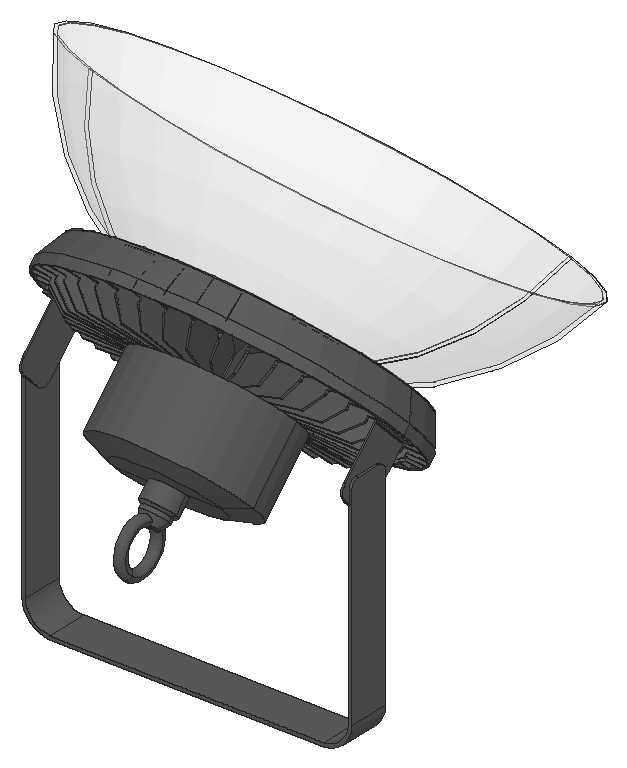
Revit family "0039366+0039354+0039358 Sylvania Lighting Fixture START HighBay IP65 DALI 19000lm 840 WB with BRACKET and PC LAMPSHADE TRANSPARENT 13 19KLM", category Lighting Fixtures, host Face, Revit 2016 (continued)
Definition of nested family "Start LED Highbay DALI Head"
  Nested families
    nested 6: "Start Highbay Rib" at (0, 0, 80.875) x (0.7071, 0.7071, 0) z (0, 0, 1), type "Type Name", detail levels medium+fine
      with SuspensionHeight_FEILO 2.6 mm, WidthStraight_FEILO 4.7 mm, WidthRingChamfer_FEILO 12.9 mm, WidthCurved_FEILO 26.2 mm, WidthCurvedRing_FEILO 4.7 mm, SizeS_FEILO no, Rib4_FEILO 14.6 mm, Rib3_FEILO 20.2 mm, Rib2_FEILO 4.5 mm, Rib1_FEILO 19 mm, RadiusDiffuser_FEILO 120 mm, RHRadius3_FEILO 8.6 mm, RHRadius2_FEILO 14 mm, RHRadius1_FEILO 17.7 mm, RHHeight4_FEILO 9.2 mm, RHHeight3_FEILO 4.6 mm, RHHeight2_FEILO 2.6 mm, RHHeight1_FEILO 17.4 mm, HeightRing_FEILO 36.8 mm, HeightRingChamfer_FEILO 26.6 mm, EyeThickness_FEILO 10.5 mm, EyeThicknessHalf_FEILO 5.25 mm, EyeInner_FEILO 17.3 mm, DriverVerticalStraight_FEILO 57 mm, DriverVerticalChamfer_FEILO 9.5 mm, DriverRadius_FEILO 76.4 mm, DriverRadiusTop_FEILO 52.4 mm, DriverBottom_FEILO 74 mm, Radius_FEILO 169.5 mm
    nested 7: "Start Highbay Rib" at (0, 0, 80.875) x (0.5878, 0.809, 0) z (0, 0, 1), type "Type Name", detail levels medium+fine
      with SuspensionHeight_FEILO 2.6 mm, WidthStraight_FEILO 4.7 mm, WidthRingChamfer_FEILO 12.9 mm, WidthCurved_FEILO 26.2 mm, WidthCurvedRing_FEILO 4.7 mm, SizeS_FEILO no, Rib4_FEILO 14.6 mm, Rib3_FEILO 20.2 mm, Rib2_FEILO 4.5 mm, Rib1_FEILO 19 mm, RadiusDiffuser_FEILO 120 mm, RHRadius3_FEILO 8.6 mm, RHRadius2_FEILO 14 mm, RHRadius1_FEILO 17.7 mm, RHHeight4_FEILO 9.2 mm, RHHeight3_FEILO 4.6 mm, RHHeight2_FEILO 2.6 mm, RHHeight1_FEILO 17.4 mm, HeightRing_FEILO 36.8 mm, HeightRingChamfer_FEILO 26.6 mm, EyeThickness_FEILO 10.5 mm, EyeThicknessHalf_FEILO 5.25 mm, EyeInner_FEILO 17.3 mm, DriverVerticalStraight_FEILO 57 mm, DriverVerticalChamfer_FEILO 9.5 mm, DriverRadius_FEILO 76.4 mm, DriverRadiusTop_FEILO 52.4 mm, DriverBottom_FEILO 74 mm, Radius_FEILO 169.5 mm
    nested 8: "Start Highbay Rib" at (0, 0, 80.875) x (0.454, 0.891, 0) z (0, 0, 1), type "Type Name", detail levels medium+fine
      with SuspensionHeight_FEILO 2.6 mm, WidthStraight_FEILO 4.7 mm, WidthRingChamfer_FEILO 12.9 mm, WidthCurved_FEILO 26.2 mm, WidthCurvedRing_FEILO 4.7 mm, SizeS_FEILO no, Rib4_FEILO 14.6 mm, Rib3_FEILO 20.2 mm, Rib2_FEILO 4.5 mm, Rib1_FEILO 19 mm, RadiusDiffuser_FEILO 120 mm, RHRadius3_FEILO 8.6 mm, RHRadius2_FEILO 14 mm, RHRadius1_FEILO 17.7 mm, RHHeight4_FEILO 9.2 mm, RHHeight3_FEILO 4.6 mm, RHHeight2_FEILO 2.6 mm, RHHeight1_FEILO 17.4 mm, HeightRing_FEILO 36.8 mm, HeightRingChamfer_FEILO 26.6 mm, EyeThickness_FEILO 10.5 mm, EyeThicknessHalf_FEILO 5.25 mm, EyeInner_FEILO 17.3 mm, DriverVerticalStraight_FEILO 57 mm, DriverVerticalChamfer_FEILO 9.5 mm, DriverRadius_FEILO 76.4 mm, DriverRadiusTop_FEILO 52.4 mm, DriverBottom_FEILO 74 mm, Radius_FEILO 169.5 mm
    nested 9: "Start Highbay Rib" at (0, 0, 80.875) x (0.309, 0.9511, 0) z (0, 0, 1), type "Type Name", detail levels medium+fine
      with SuspensionHeight_FEILO 2.6 mm, WidthStraight_FEILO 4.7 mm, WidthRingChamfer_FEILO 12.9 mm, WidthCurved_FEILO 26.2 mm, WidthCurvedRing_FEILO 4.7 mm, SizeS_FEILO no, Rib4_FEILO 14.6 mm, Rib3_FEILO 20.2 mm, Rib2_FEILO 4.5 mm, Rib1_FEILO 19 mm, RadiusDiffuser_FEILO 120 mm, RHRadius3_FEILO 8.6 mm, RHRadius2_FEILO 14 mm, RHRadius1_FEILO 17.7 mm, RHHeight4_FEILO 9.2 mm, RHHeight3_FEILO 4.6 mm, RHHeight2_FEILO 2.6 mm, RHHeight1_FEILO 17.4 mm, HeightRing_FEILO 36.8 mm, HeightRingChamfer_FEILO 26.6 mm, EyeThickness_FEILO 10.5 mm, EyeThicknessHalf_FEILO 5.25 mm, EyeInner_FEILO 17.3 mm, DriverVerticalStraight_FEILO 57 mm, DriverVerticalChamfer_FEILO 9.5 mm, DriverRadius_FEILO 76.4 mm, DriverRadiusTop_FEILO 52.4 mm, DriverBottom_FEILO 74 mm, Radius_FEILO 169.5 mm
    nested 10: "Start Highbay Rib" at (0, 0, 80.875) x (0.1564, 0.9877, 0) z (0, 0, 1), type "Type Name", detail levels medium+fine
      with SuspensionHeight_FEILO 2.6 mm, WidthStraight_FEILO 4.7 mm, WidthRingChamfer_FEILO 12.9 mm, WidthCurved_FEILO 26.2 mm, WidthCurvedRing_FEILO 4.7 mm, SizeS_FEILO no, Rib4_FEILO 14.6 mm, Rib3_FEILO 20.2 mm, Rib2_FEILO 4.5 mm, Rib1_FEILO 19 mm, RadiusDiffuser_FEILO 120 mm, RHRadius3_FEILO 8.6 mm, RHRadius2_FEILO 14 mm, RHRadius1_FEILO 17.7 mm, RHHeight4_FEILO 9.2 mm, RHHeight3_FEILO 4.6 mm, RHHeight2_FEILO 2.6 mm, RHHeight1_FEILO 17.4 mm, HeightRing_FEILO 36.8 mm, HeightRingChamfer_FEILO 26.6 mm, EyeThickness_FEILO 10.5 mm, EyeThicknessHalf_FEILO 5.25 mm, EyeInner_FEILO 17.3 mm, DriverVerticalStraight_FEILO 57 mm, DriverVerticalChamfer_FEILO 9.5 mm, DriverRadius_FEILO 76.4 mm, DriverRadiusTop_FEILO 52.4 mm, DriverBottom_FEILO 74 mm, Radius_FEILO 169.5 mm
    nested 11: "Start Highbay Rib" at (0, 0, 80.875) x (0, 1, 0) z (0, 0, 1), type "Type Name", detail levels medium+fine
      with SuspensionHeight_FEILO 2.6 mm, WidthStraight_FEILO 4.7 mm, WidthRingChamfer_FEILO 12.9 mm, WidthCurved_FEILO 26.2 mm, WidthCurvedRing_FEILO 4.7 mm, SizeS_FEILO no, Rib4_FEILO 14.6 mm, Rib3_FEILO 20.2 mm, Rib2_FEILO 4.5 mm, Rib1_FEILO 19 mm, RadiusDiffuser_FEILO 120 mm, RHRadius3_FEILO 8.6 mm, RHRadius2_FEILO 14 mm, RHRadius1_FEILO 17.7 mm, RHHeight4_FEILO 9.2 mm, RHHeight3_FEILO 4.6 mm, RHHeight2_FEILO 2.6 mm, RHHeight1_FEILO 17.4 mm, HeightRing_FEILO 36.8 mm, HeightRingChamfer_FEILO 26.6 mm, EyeThickness_FEILO 10.5 mm, EyeThicknessHalf_FEILO 5.25 mm, EyeInner_FEILO 17.3 mm, DriverVerticalStraight_FEILO 57 mm, DriverVerticalChamfer_FEILO 9.5 mm, DriverRadius_FEILO 76.4 mm, DriverRadiusTop_FEILO 52.4 mm, DriverBottom_FEILO 74 mm, Radius_FEILO 169.5 mm
    nested 12: "Start Highbay Rib" at (0, 0, 80.875) x (-0.1564, 0.9877, 0) z (0, 0, 1), type "Type Name", detail levels medium+fine
      with SuspensionHeight_FEILO 2.6 mm, WidthStraight_FEILO 4.7 mm, WidthRingChamfer_FEILO 12.9 mm, WidthCurved_FEILO 26.2 mm, WidthCurvedRing_FEILO 4.7 mm, SizeS_FEILO no, Rib4_FEILO 14.6 mm, Rib3_FEILO 20.2 mm, Rib2_FEILO 4.5 mm, Rib1_FEILO 19 mm, RadiusDiffuser_FEILO 120 mm, RHRadius3_FEILO 8.6 mm, RHRadius2_FEILO 14 mm, RHRadius1_FEILO 17.7 mm, RHHeight4_FEILO 9.2 mm, RHHeight3_FEILO 4.6 mm, RHHeight2_FEILO 2.6 mm, RHHeight1_FEILO 17.4 mm, HeightRing_FEILO 36.8 mm, HeightRingChamfer_FEILO 26.6 mm, EyeThickness_FEILO 10.5 mm, EyeThicknessHalf_FEILO 5.25 mm, EyeInner_FEILO 17.3 mm, DriverVerticalStraight_FEILO 57 mm, DriverVerticalChamfer_FEILO 9.5 mm, DriverRadius_FEILO 76.4 mm, DriverRadiusTop_FEILO 52.4 mm, DriverBottom_FEILO 74 mm, Radius_FEILO 169.5 mm
    nested 13: "Start Highbay Rib" at (0, 0, 80.875) x (-0.309, 0.9511, 0) z (0, 0, 1), type "Type Name", detail levels medium+fine
      with SuspensionHeight_FEILO 2.6 mm, WidthStraight_FEILO 4.7 mm, WidthRingChamfer_FEILO 12.9 mm, WidthCurved_FEILO 26.2 mm, WidthCurvedRing_FEILO 4.7 mm, SizeS_FEILO no, Rib4_FEILO 14.6 mm, Rib3_FEILO 20.2 mm, Rib2_FEILO 4.5 mm, Rib1_FEILO 19 mm, RadiusDiffuser_FEILO 120 mm, RHRadius3_FEILO 8.6 mm, RHRadius2_FEILO 14 mm, RHRadius1_FEILO 17.7 mm, RHHeight4_FEILO 9.2 mm, RHHeight3_FEILO 4.6 mm, RHHeight2_FEILO 2.6 mm, RHHeight1_FEILO 17.4 mm, HeightRing_FEILO 36.8 mm, HeightRingChamfer_FEILO 26.6 mm, EyeThickness_FEILO 10.5 mm, EyeThicknessHalf_FEILO 5.25 mm, EyeInner_FEILO 17.3 mm, DriverVerticalStraight_FEILO 57 mm, DriverVerticalChamfer_FEILO 9.5 mm, DriverRadius_FEILO 76.4 mm, DriverRadiusTop_FEILO 52.4 mm, DriverBottom_FEILO 74 mm, Radius_FEILO 169.5 mm
    nested 14: "Start Highbay Rib" at (0, 0, 80.875) x (-0.454, 0.891, 0) z (0, 0, 1), type "Type Name", detail levels medium+fine
      with SuspensionHeight_FEILO 2.6 mm, WidthStraight_FEILO 4.7 mm, WidthRingChamfer_FEILO 12.9 mm, WidthCurved_FEILO 26.2 mm, WidthCurvedRing_FEILO 4.7 mm, SizeS_FEILO no, Rib4_FEILO 14.6 mm, Rib3_FEILO 20.2 mm, Rib2_FEILO 4.5 mm, Rib1_FEILO 19 mm, RadiusDiffuser_FEILO 120 mm, RHRadius3_FEILO 8.6 mm, RHRadius2_FEILO 14 mm, RHRadius1_FEILO 17.7 mm, RHHeight4_FEILO 9.2 mm, RHHeight3_FEILO 4.6 mm, RHHeight2_FEILO 2.6 mm, RHHeight1_FEILO 17.4 mm, HeightRing_FEILO 36.8 mm, HeightRingChamfer_FEILO 26.6 mm, EyeThickness_FEILO 10.5 mm, EyeThicknessHalf_FEILO 5.25 mm, EyeInner_FEILO 17.3 mm, DriverVerticalStraight_FEILO 57 mm, DriverVerticalChamfer_FEILO 9.5 mm, DriverRadius_FEILO 76.4 mm, DriverRadiusTop_FEILO 52.4 mm, DriverBottom_FEILO 74 mm, Radius_FEILO 169.5 mm
    nested 15: "Start Highbay Rib" at (0, 0, 80.875) x (-0.5878, 0.809, 0) z (0, 0, 1), type "Type Name", detail levels medium+fine
      with SuspensionHeight_FEILO 2.6 mm, WidthStraight_FEILO 4.7 mm, WidthRingChamfer_FEILO 12.9 mm, WidthCurved_FEILO 26.2 mm, WidthCurvedRing_FEILO 4.7 mm, SizeS_FEILO no, Rib4_FEILO 14.6 mm, Rib3_FEILO 20.2 mm, Rib2_FEILO 4.5 mm, Rib1_FEILO 19 mm, RadiusDiffuser_FEILO 120 mm, RHRadius3_FEILO 8.6 mm, RHRadius2_FEILO 14 mm, RHRadius1_FEILO 17.7 mm, RHHeight4_FEILO 9.2 mm, RHHeight3_FEILO 4.6 mm, RHHeight2_FEILO 2.6 mm, RHHeight1_FEILO 17.4 mm, HeightRing_FEILO 36.8 mm, HeightRingChamfer_FEILO 26.6 mm, EyeThickness_FEILO 10.5 mm, EyeThicknessHalf_FEILO 5.25 mm, EyeInner_FEILO 17.3 mm, DriverVerticalStraight_FEILO 57 mm, DriverVerticalChamfer_FEILO 9.5 mm, DriverRadius_FEILO 76.4 mm, DriverRadiusTop_FEILO 52.4 mm, DriverBottom_FEILO 74 mm, Radius_FEILO 169.5 mm
    nested 16: "Start Highbay Rib" at (0, 0, 80.875) x (-0.7071, 0.7071, 0) z (0, 0, 1), type "Type Name", detail levels medium+fine
      with SuspensionHeight_FEILO 2.6 mm, WidthStraight_FEILO 4.7 mm, WidthRingChamfer_FEILO 12.9 mm, WidthCurved_FEILO 26.2 mm, WidthCurvedRing_FEILO 4.7 mm, SizeS_FEILO no, Rib4_FEILO 14.6 mm, Rib3_FEILO 20.2 mm, Rib2_FEILO 4.5 mm, Rib1_FEILO 19 mm, RadiusDiffuser_FEILO 120 mm, RHRadius3_FEILO 8.6 mm, RHRadius2_FEILO 14 mm, RHRadius1_FEILO 17.7 mm, RHHeight4_FEILO 9.2 mm, RHHeight3_FEILO 4.6 mm, RHHeight2_FEILO 2.6 mm, RHHeight1_FEILO 17.4 mm, HeightRing_FEILO 36.8 mm, HeightRingChamfer_FEILO 26.6 mm, EyeThickness_FEILO 10.5 mm, EyeThicknessHalf_FEILO 5.25 mm, EyeInner_FEILO 17.3 mm, DriverVerticalStraight_FEILO 57 mm, DriverVerticalChamfer_FEILO 9.5 mm, DriverRadius_FEILO 76.4 mm, DriverRadiusTop_FEILO 52.4 mm, DriverBottom_FEILO 74 mm, Radius_FEILO 169.5 mm
    nested 17: "Start Highbay Rib" at (0, 0, 80.875) x (-0.809, 0.5878, 0) z (0, 0, 1), type "Type Name", detail levels medium+fine
      with SuspensionHeight_FEILO 2.6 mm, WidthStraight_FEILO 4.7 mm, WidthRingChamfer_FEILO 12.9 mm, WidthCurved_FEILO 26.2 mm, WidthCurvedRing_FEILO 4.7 mm, SizeS_FEILO no, Rib4_FEILO 14.6 mm, Rib3_FEILO 20.2 mm, Rib2_FEILO 4.5 mm, Rib1_FEILO 19 mm, RadiusDiffuser_FEILO 120 mm, RHRadius3_FEILO 8.6 mm, RHRadius2_FEILO 14 mm, RHRadius1_FEILO 17.7 mm, RHHeight4_FEILO 9.2 mm, RHHeight3_FEILO 4.6 mm, RHHeight2_FEILO 2.6 mm, RHHeight1_FEILO 17.4 mm, HeightRing_FEILO 36.8 mm, HeightRingChamfer_FEILO 26.6 mm, EyeThickness_FEILO 10.5 mm, EyeThicknessHalf_FEILO 5.25 mm, EyeInner_FEILO 17.3 mm, DriverVerticalStraight_FEILO 57 mm, DriverVerticalChamfer_FEILO 9.5 mm, DriverRadius_FEILO 76.4 mm, DriverRadiusTop_FEILO 52.4 mm, DriverBottom_FEILO 74 mm, Radius_FEILO 169.5 mm
    nested 18: "Start Highbay Rib" at (0, 0, 80.875) x (-0.891, 0.454, 0) z (0, 0, 1), type "Type Name", detail levels medium+fine
      with SuspensionHeight_FEILO 2.6 mm, WidthStraight_FEILO 4.7 mm, WidthRingChamfer_FEILO 12.9 mm, WidthCurved_FEILO 26.2 mm, WidthCurvedRing_FEILO 4.7 mm, SizeS_FEILO no, Rib4_FEILO 14.6 mm, Rib3_FEILO 20.2 mm, Rib2_FEILO 4.5 mm, Rib1_FEILO 19 mm, RadiusDiffuser_FEILO 120 mm, RHRadius3_FEILO 8.6 mm, RHRadius2_FEILO 14 mm, RHRadius1_FEILO 17.7 mm, RHHeight4_FEILO 9.2 mm, RHHeight3_FEILO 4.6 mm, RHHeight2_FEILO 2.6 mm, RHHeight1_FEILO 17.4 mm, HeightRing_FEILO 36.8 mm, HeightRingChamfer_FEILO 26.6 mm, EyeThickness_FEILO 10.5 mm, EyeThicknessHalf_FEILO 5.25 mm, EyeInner_FEILO 17.3 mm, DriverVerticalStraight_FEILO 57 mm, DriverVerticalChamfer_FEILO 9.5 mm, DriverRadius_FEILO 76.4 mm, DriverRadiusTop_FEILO 52.4 mm, DriverBottom_FEILO 74 mm, Radius_FEILO 169.5 mm
    nested 19: "Start Highbay Rib" at (0, 0, 80.875) x (-0.9511, 0.309, 0) z (0, 0, 1), type "Type Name", detail levels medium+fine
      with SuspensionHeight_FEILO 2.6 mm, WidthStraight_FEILO 4.7 mm, WidthRingChamfer_FEILO 12.9 mm, WidthCurved_FEILO 26.2 mm, WidthCurvedRing_FEILO 4.7 mm, SizeS_FEILO no, Rib4_FEILO 14.6 mm, Rib3_FEILO 20.2 mm, Rib2_FEILO 4.5 mm, Rib1_FEILO 19 mm, RadiusDiffuser_FEILO 120 mm, RHRadius3_FEILO 8.6 mm, RHRadius2_FEILO 14 mm, RHRadius1_FEILO 17.7 mm, RHHeight4_FEILO 9.2 mm, RHHeight3_FEILO 4.6 mm, RHHeight2_FEILO 2.6 mm, RHHeight1_FEILO 17.4 mm, HeightRing_FEILO 36.8 mm, HeightRingChamfer_FEILO 26.6 mm, EyeThickness_FEILO 10.5 mm, EyeThicknessHalf_FEILO 5.25 mm, EyeInner_FEILO 17.3 mm, DriverVerticalStraight_FEILO 57 mm, DriverVerticalChamfer_FEILO 9.5 mm, DriverRadius_FEILO 76.4 mm, DriverRadiusTop_FEILO 52.4 mm, DriverBottom_FEILO 74 mm, Radius_FEILO 169.5 mm
    nested 20: "Start Highbay Rib" at (0, 0, 80.875) x (-0.9877, 0.1564, 0) z (0, 0, 1), type "Type Name", detail levels medium+fine
      with SuspensionHeight_FEILO 2.6 mm, WidthStraight_FEILO 4.7 mm, WidthRingChamfer_FEILO 12.9 mm, WidthCurved_FEILO 26.2 mm, WidthCurvedRing_FEILO 4.7 mm, SizeS_FEILO no, Rib4_FEILO 14.6 mm, Rib3_FEILO 20.2 mm, Rib2_FEILO 4.5 mm, Rib1_FEILO 19 mm, RadiusDiffuser_FEILO 120 mm, RHRadius3_FEILO 8.6 mm, RHRadius2_FEILO 14 mm, RHRadius1_FEILO 17.7 mm, RHHeight4_FEILO 9.2 mm, RHHeight3_FEILO 4.6 mm, RHHeight2_FEILO 2.6 mm, RHHeight1_FEILO 17.4 mm, HeightRing_FEILO 36.8 mm, HeightRingChamfer_FEILO 26.6 mm, EyeThickness_FEILO 10.5 mm, EyeThicknessHalf_FEILO 5.25 mm, EyeInner_FEILO 17.3 mm, DriverVerticalStraight_FEILO 57 mm, DriverVerticalChamfer_FEILO 9.5 mm, DriverRadius_FEILO 76.4 mm, DriverRadiusTop_FEILO 52.4 mm, DriverBottom_FEILO 74 mm, Radius_FEILO 169.5 mm
    nested 21: "Start Highbay Rib" at (0, 0, 80.875) x (-1, 0, 0) z (0, 0, 1), type "Type Name", detail levels medium+fine
      with SuspensionHeight_FEILO 2.6 mm, WidthStraight_FEILO 4.7 mm, WidthRingChamfer_FEILO 12.9 mm, WidthCurved_FEILO 26.2 mm, WidthCurvedRing_FEILO 4.7 mm, SizeS_FEILO no, Rib4_FEILO 14.6 mm, Rib3_FEILO 20.2 mm, Rib2_FEILO 4.5 mm, Rib1_FEILO 19 mm, RadiusDiffuser_FEILO 120 mm, RHRadius3_FEILO 8.6 mm, RHRadius2_FEILO 14 mm, RHRadius1_FEILO 17.7 mm, RHHeight4_FEILO 9.2 mm, RHHeight3_FEILO 4.6 mm, RHHeight2_FEILO 2.6 mm, RHHeight1_FEILO 17.4 mm, HeightRing_FEILO 36.8 mm, HeightRingChamfer_FEILO 26.6 mm, EyeThickness_FEILO 10.5 mm, EyeThicknessHalf_FEILO 5.25 mm, EyeInner_FEILO 17.3 mm, DriverVerticalStraight_FEILO 57 mm, DriverVerticalChamfer_FEILO 9.5 mm, DriverRadius_FEILO 76.4 mm, DriverRadiusTop_FEILO 52.4 mm, DriverBottom_FEILO 74 mm, Radius_FEILO 169.5 mm
    nested 22: "Start Highbay Rib" at (0, 0, 80.875) x (-0.9877, -0.1564, 0) z (0, 0, 1), type "Type Name", detail levels medium+fine
      with SuspensionHeight_FEILO 2.6 mm, WidthStraight_FEILO 4.7 mm, WidthRingChamfer_FEILO 12.9 mm, WidthCurved_FEILO 26.2 mm, WidthCurvedRing_FEILO 4.7 mm, SizeS_FEILO no, Rib4_FEILO 14.6 mm, Rib3_FEILO 20.2 mm, Rib2_FEILO 4.5 mm, Rib1_FEILO 19 mm, RadiusDiffuser_FEILO 120 mm, RHRadius3_FEILO 8.6 mm, RHRadius2_FEILO 14 mm, RHRadius1_FEILO 17.7 mm, RHHeight4_FEILO 9.2 mm, RHHeight3_FEILO 4.6 mm, RHHeight2_FEILO 2.6 mm, RHHeight1_FEILO 17.4 mm, HeightRing_FEILO 36.8 mm, HeightRingChamfer_FEILO 26.6 mm, EyeThickness_FEILO 10.5 mm, EyeThicknessHalf_FEILO 5.25 mm, EyeInner_FEILO 17.3 mm, DriverVerticalStraight_FEILO 57 mm, DriverVerticalChamfer_FEILO 9.5 mm, DriverRadius_FEILO 76.4 mm, DriverRadiusTop_FEILO 52.4 mm, DriverBottom_FEILO 74 mm, Radius_FEILO 169.5 mm
    nested 23: "Start Highbay Rib" at (0, 0, 80.875) x (-0.9511, -0.309, 0) z (0, 0, 1), type "Type Name", detail levels medium+fine
      with SuspensionHeight_FEILO 2.6 mm, WidthStraight_FEILO 4.7 mm, WidthRingChamfer_FEILO 12.9 mm, WidthCurved_FEILO 26.2 mm, WidthCurvedRing_FEILO 4.7 mm, SizeS_FEILO no, Rib4_FEILO 14.6 mm, Rib3_FEILO 20.2 mm, Rib2_FEILO 4.5 mm, Rib1_FEILO 19 mm, RadiusDiffuser_FEILO 120 mm, RHRadius3_FEILO 8.6 mm, RHRadius2_FEILO 14 mm, RHRadius1_FEILO 17.7 mm, RHHeight4_FEILO 9.2 mm, RHHeight3_FEILO 4.6 mm, RHHeight2_FEILO 2.6 mm, RHHeight1_FEILO 17.4 mm, HeightRing_FEILO 36.8 mm, HeightRingChamfer_FEILO 26.6 mm, EyeThickness_FEILO 10.5 mm, EyeThicknessHalf_FEILO 5.25 mm, EyeInner_FEILO 17.3 mm, DriverVerticalStraight_FEILO 57 mm, DriverVerticalChamfer_FEILO 9.5 mm, DriverRadius_FEILO 76.4 mm, DriverRadiusTop_FEILO 52.4 mm, DriverBottom_FEILO 74 mm, Radius_FEILO 169.5 mm
    nested 24: "Start Highbay Rib" at (0, 0, 80.875) x (-0.891, -0.454, 0) z (0, 0, 1), type "Type Name", detail levels medium+fine
      with SuspensionHeight_FEILO 2.6 mm, WidthStraight_FEILO 4.7 mm, WidthRingChamfer_FEILO 12.9 mm, WidthCurved_FEILO 26.2 mm, WidthCurvedRing_FEILO 4.7 mm, SizeS_FEILO no, Rib4_FEILO 14.6 mm, Rib3_FEILO 20.2 mm, Rib2_FEILO 4.5 mm, Rib1_FEILO 19 mm, RadiusDiffuser_FEILO 120 mm, RHRadius3_FEILO 8.6 mm, RHRadius2_FEILO 14 mm, RHRadius1_FEILO 17.7 mm, RHHeight4_FEILO 9.2 mm, RHHeight3_FEILO 4.6 mm, RHHeight2_FEILO 2.6 mm, RHHeight1_FEILO 17.4 mm, HeightRing_FEILO 36.8 mm, HeightRingChamfer_FEILO 26.6 mm, EyeThickness_FEILO 10.5 mm, EyeThicknessHalf_FEILO 5.25 mm, EyeInner_FEILO 17.3 mm, DriverVerticalStraight_FEILO 57 mm, DriverVerticalChamfer_FEILO 9.5 mm, DriverRadius_FEILO 76.4 mm, DriverRadiusTop_FEILO 52.4 mm, DriverBottom_FEILO 74 mm, Radius_FEILO 169.5 mm
    nested 25: "Start Highbay Rib" at (0, 0, 80.875) x (-0.809, -0.5878, 0) z (0, 0, 1), type "Type Name", detail levels medium+fine
      with SuspensionHeight_FEILO 2.6 mm, WidthStraight_FEILO 4.7 mm, WidthRingChamfer_FEILO 12.9 mm, WidthCurved_FEILO 26.2 mm, WidthCurvedRing_FEILO 4.7 mm, SizeS_FEILO no, Rib4_FEILO 14.6 mm, Rib3_FEILO 20.2 mm, Rib2_FEILO 4.5 mm, Rib1_FEILO 19 mm, RadiusDiffuser_FEILO 120 mm, RHRadius3_FEILO 8.6 mm, RHRadius2_FEILO 14 mm, RHRadius1_FEILO 17.7 mm, RHHeight4_FEILO 9.2 mm, RHHeight3_FEILO 4.6 mm, RHHeight2_FEILO 2.6 mm, RHHeight1_FEILO 17.4 mm, HeightRing_FEILO 36.8 mm, HeightRingChamfer_FEILO 26.6 mm, EyeThickness_FEILO 10.5 mm, EyeThicknessHalf_FEILO 5.25 mm, EyeInner_FEILO 17.3 mm, DriverVerticalStraight_FEILO 57 mm, DriverVerticalChamfer_FEILO 9.5 mm, DriverRadius_FEILO 76.4 mm, DriverRadiusTop_FEILO 52.4 mm, DriverBottom_FEILO 74 mm, Radius_FEILO 169.5 mm
    nested 26: "Start Highbay Rib" at (0, 0, 80.875) x (-0.7071, -0.7071, 0) z (0, 0, 1), type "Type Name", detail levels medium+fine
      with SuspensionHeight_FEILO 2.6 mm, WidthStraight_FEILO 4.7 mm, WidthRingChamfer_FEILO 12.9 mm, WidthCurved_FEILO 26.2 mm, WidthCurvedRing_FEILO 4.7 mm, SizeS_FEILO no, Rib4_FEILO 14.6 mm, Rib3_FEILO 20.2 mm, Rib2_FEILO 4.5 mm, Rib1_FEILO 19 mm, RadiusDiffuser_FEILO 120 mm, RHRadius3_FEILO 8.6 mm, RHRadius2_FEILO 14 mm, RHRadius1_FEILO 17.7 mm, RHHeight4_FEILO 9.2 mm, RHHeight3_FEILO 4.6 mm, RHHeight2_FEILO 2.6 mm, RHHeight1_FEILO 17.4 mm, HeightRing_FEILO 36.8 mm, HeightRingChamfer_FEILO 26.6 mm, EyeThickness_FEILO 10.5 mm, EyeThicknessHalf_FEILO 5.25 mm, EyeInner_FEILO 17.3 mm, DriverVerticalStraight_FEILO 57 mm, DriverVerticalChamfer_FEILO 9.5 mm, DriverRadius_FEILO 76.4 mm, DriverRadiusTop_FEILO 52.4 mm, DriverBottom_FEILO 74 mm, Radius_FEILO 169.5 mm
    nested 27: "Start Highbay Rib" at (0, 0, 80.875) x (-0.5878, -0.809, 0) z (0, 0, 1), type "Type Name", detail levels medium+fine
      with SuspensionHeight_FEILO 2.6 mm, WidthStraight_FEILO 4.7 mm, WidthRingChamfer_FEILO 12.9 mm, WidthCurved_FEILO 26.2 mm, WidthCurvedRing_FEILO 4.7 mm, SizeS_FEILO no, Rib4_FEILO 14.6 mm, Rib3_FEILO 20.2 mm, Rib2_FEILO 4.5 mm, Rib1_FEILO 19 mm, RadiusDiffuser_FEILO 120 mm, RHRadius3_FEILO 8.6 mm, RHRadius2_FEILO 14 mm, RHRadius1_FEILO 17.7 mm, RHHeight4_FEILO 9.2 mm, RHHeight3_FEILO 4.6 mm, RHHeight2_FEILO 2.6 mm, RHHeight1_FEILO 17.4 mm, HeightRing_FEILO 36.8 mm, HeightRingChamfer_FEILO 26.6 mm, EyeThickness_FEILO 10.5 mm, EyeThicknessHalf_FEILO 5.25 mm, EyeInner_FEILO 17.3 mm, DriverVerticalStraight_FEILO 57 mm, DriverVerticalChamfer_FEILO 9.5 mm, DriverRadius_FEILO 76.4 mm, DriverRadiusTop_FEILO 52.4 mm, DriverBottom_FEILO 74 mm, Radius_FEILO 169.5 mm
    nested 28: "Start Highbay Rib" at (0, 0, 80.875) x (-0.454, -0.891, 0) z (0, 0, 1), type "Type Name", detail levels medium+fine
      with SuspensionHeight_FEILO 2.6 mm, WidthStraight_FEILO 4.7 mm, WidthRingChamfer_FEILO 12.9 mm, WidthCurved_FEILO 26.2 mm, WidthCurvedRing_FEILO 4.7 mm, SizeS_FEILO no, Rib4_FEILO 14.6 mm, Rib3_FEILO 20.2 mm, Rib2_FEILO 4.5 mm, Rib1_FEILO 19 mm, RadiusDiffuser_FEILO 120 mm, RHRadius3_FEILO 8.6 mm, RHRadius2_FEILO 14 mm, RHRadius1_FEILO 17.7 mm, RHHeight4_FEILO 9.2 mm, RHHeight3_FEILO 4.6 mm, RHHeight2_FEILO 2.6 mm, RHHeight1_FEILO 17.4 mm, HeightRing_FEILO 36.8 mm, HeightRingChamfer_FEILO 26.6 mm, EyeThickness_FEILO 10.5 mm, EyeThicknessHalf_FEILO 5.25 mm, EyeInner_FEILO 17.3 mm, DriverVerticalStraight_FEILO 57 mm, DriverVerticalChamfer_FEILO 9.5 mm, DriverRadius_FEILO 76.4 mm, DriverRadiusTop_FEILO 52.4 mm, DriverBottom_FEILO 74 mm, Radius_FEILO 169.5 mm
    nested 29: "Start Highbay Rib" at (0, 0, 80.875) x (-0.309, -0.9511, 0) z (0, 0, 1), type "Type Name", detail levels medium+fine
      with SuspensionHeight_FEILO 2.6 mm, WidthStraight_FEILO 4.7 mm, WidthRingChamfer_FEILO 12.9 mm, WidthCurved_FEILO 26.2 mm, WidthCurvedRing_FEILO 4.7 mm, SizeS_FEILO no, Rib4_FEILO 14.6 mm, Rib3_FEILO 20.2 mm, Rib2_FEILO 4.5 mm, Rib1_FEILO 19 mm, RadiusDiffuser_FEILO 120 mm, RHRadius3_FEILO 8.6 mm, RHRadius2_FEILO 14 mm, RHRadius1_FEILO 17.7 mm, RHHeight4_FEILO 9.2 mm, RHHeight3_FEILO 4.6 mm, RHHeight2_FEILO 2.6 mm, RHHeight1_FEILO 17.4 mm, HeightRing_FEILO 36.8 mm, HeightRingChamfer_FEILO 26.6 mm, EyeThickness_FEILO 10.5 mm, EyeThicknessHalf_FEILO 5.25 mm, EyeInner_FEILO 17.3 mm, DriverVerticalStraight_FEILO 57 mm, DriverVerticalChamfer_FEILO 9.5 mm, DriverRadius_FEILO 76.4 mm, DriverRadiusTop_FEILO 52.4 mm, DriverBottom_FEILO 74 mm, Radius_FEILO 169.5 mm
    nested 30: "Start Highbay Rib" at (0, 0, 80.875) x (-0.1564, -0.9877, 0) z (0, 0, 1), type "Type Name", detail levels medium+fine
      with SuspensionHeight_FEILO 2.6 mm, WidthStraight_FEILO 4.7 mm, WidthRingChamfer_FEILO 12.9 mm, WidthCurved_FEILO 26.2 mm, WidthCurvedRing_FEILO 4.7 mm, SizeS_FEILO no, Rib4_FEILO 14.6 mm, Rib3_FEILO 20.2 mm, Rib2_FEILO 4.5 mm, Rib1_FEILO 19 mm, RadiusDiffuser_FEILO 120 mm, RHRadius3_FEILO 8.6 mm, RHRadius2_FEILO 14 mm, RHRadius1_FEILO 17.7 mm, RHHeight4_FEILO 9.2 mm, RHHeight3_FEILO 4.6 mm, RHHeight2_FEILO 2.6 mm, RHHeight1_FEILO 17.4 mm, HeightRing_FEILO 36.8 mm, HeightRingChamfer_FEILO 26.6 mm, EyeThickness_FEILO 10.5 mm, EyeThicknessHalf_FEILO 5.25 mm, EyeInner_FEILO 17.3 mm, DriverVerticalStraight_FEILO 57 mm, DriverVerticalChamfer_FEILO 9.5 mm, DriverRadius_FEILO 76.4 mm, DriverRadiusTop_FEILO 52.4 mm, DriverBottom_FEILO 74 mm, Radius_FEILO 169.5 mm
    nested 31: "Start Highbay Rib" at (0, 0, 80.875) x (0, -1, 0) z (0, 0, 1), type "Type Name", detail levels medium+fine
      with SuspensionHeight_FEILO 2.6 mm, WidthStraight_FEILO 4.7 mm, WidthRingChamfer_FEILO 12.9 mm, WidthCurved_FEILO 26.2 mm, WidthCurvedRing_FEILO 4.7 mm, SizeS_FEILO no, Rib4_FEILO 14.6 mm, Rib3_FEILO 20.2 mm, Rib2_FEILO 4.5 mm, Rib1_FEILO 19 mm, RadiusDiffuser_FEILO 120 mm, RHRadius3_FEILO 8.6 mm, RHRadius2_FEILO 14 mm, RHRadius1_FEILO 17.7 mm, RHHeight4_FEILO 9.2 mm, RHHeight3_FEILO 4.6 mm, RHHeight2_FEILO 2.6 mm, RHHeight1_FEILO 17.4 mm, HeightRing_FEILO 36.8 mm, HeightRingChamfer_FEILO 26.6 mm, EyeThickness_FEILO 10.5 mm, EyeThicknessHalf_FEILO 5.25 mm, EyeInner_FEILO 17.3 mm, DriverVerticalStraight_FEILO 57 mm, DriverVerticalChamfer_FEILO 9.5 mm, DriverRadius_FEILO 76.4 mm, DriverRadiusTop_FEILO 52.4 mm, DriverBottom_FEILO 74 mm, Radius_FEILO 169.5 mm
    nested 32: "Start Highbay Rib" at (0, 0, 80.875) x (0.1564, -0.9877, 0) z (0, 0, 1), type "Type Name", detail levels medium+fine
      with SuspensionHeight_FEILO 2.6 mm, WidthStraight_FEILO 4.7 mm, WidthRingChamfer_FEILO 12.9 mm, WidthCurved_FEILO 26.2 mm, WidthCurvedRing_FEILO 4.7 mm, SizeS_FEILO no, Rib4_FEILO 14.6 mm, Rib3_FEILO 20.2 mm, Rib2_FEILO 4.5 mm, Rib1_FEILO 19 mm, RadiusDiffuser_FEILO 120 mm, RHRadius3_FEILO 8.6 mm, RHRadius2_FEILO 14 mm, RHRadius1_FEILO 17.7 mm, RHHeight4_FEILO 9.2 mm, RHHeight3_FEILO 4.6 mm, RHHeight2_FEILO 2.6 mm, RHHeight1_FEILO 17.4 mm, HeightRing_FEILO 36.8 mm, HeightRingChamfer_FEILO 26.6 mm, EyeThickness_FEILO 10.5 mm, EyeThicknessHalf_FEILO 5.25 mm, EyeInner_FEILO 17.3 mm, DriverVerticalStraight_FEILO 57 mm, DriverVerticalChamfer_FEILO 9.5 mm, DriverRadius_FEILO 76.4 mm, DriverRadiusTop_FEILO 52.4 mm, DriverBottom_FEILO 74 mm, Radius_FEILO 169.5 mm
    nested 33: "Start Highbay Rib" at (0, 0, 80.875) x (0.309, -0.9511, 0) z (0, 0, 1), type "Type Name", detail levels medium+fine
      with SuspensionHeight_FEILO 2.6 mm, WidthStraight_FEILO 4.7 mm, WidthRingChamfer_FEILO 12.9 mm, WidthCurved_FEILO 26.2 mm, WidthCurvedRing_FEILO 4.7 mm, SizeS_FEILO no, Rib4_FEILO 14.6 mm, Rib3_FEILO 20.2 mm, Rib2_FEILO 4.5 mm, Rib1_FEILO 19 mm, RadiusDiffuser_FEILO 120 mm, RHRadius3_FEILO 8.6 mm, RHRadius2_FEILO 14 mm, RHRadius1_FEILO 17.7 mm, RHHeight4_FEILO 9.2 mm, RHHeight3_FEILO 4.6 mm, RHHeight2_FEILO 2.6 mm, RHHeight1_FEILO 17.4 mm, HeightRing_FEILO 36.8 mm, HeightRingChamfer_FEILO 26.6 mm, EyeThickness_FEILO 10.5 mm, EyeThicknessHalf_FEILO 5.25 mm, EyeInner_FEILO 17.3 mm, DriverVerticalStraight_FEILO 57 mm, DriverVerticalChamfer_FEILO 9.5 mm, DriverRadius_FEILO 76.4 mm, DriverRadiusTop_FEILO 52.4 mm, DriverBottom_FEILO 74 mm, Radius_FEILO 169.5 mm
    nested 34: "Start Highbay Rib" at (0, 0, 80.875) x (0.454, -0.891, 0) z (0, 0, 1), type "Type Name", detail levels medium+fine
      with SuspensionHeight_FEILO 2.6 mm, WidthStraight_FEILO 4.7 mm, WidthRingChamfer_FEILO 12.9 mm, WidthCurved_FEILO 26.2 mm, WidthCurvedRing_FEILO 4.7 mm, SizeS_FEILO no, Rib4_FEILO 14.6 mm, Rib3_FEILO 20.2 mm, Rib2_FEILO 4.5 mm, Rib1_FEILO 19 mm, RadiusDiffuser_FEILO 120 mm, RHRadius3_FEILO 8.6 mm, RHRadius2_FEILO 14 mm, RHRadius1_FEILO 17.7 mm, RHHeight4_FEILO 9.2 mm, RHHeight3_FEILO 4.6 mm, RHHeight2_FEILO 2.6 mm, RHHeight1_FEILO 17.4 mm, HeightRing_FEILO 36.8 mm, HeightRingChamfer_FEILO 26.6 mm, EyeThickness_FEILO 10.5 mm, EyeThicknessHalf_FEILO 5.25 mm, EyeInner_FEILO 17.3 mm, DriverVerticalStraight_FEILO 57 mm, DriverVerticalChamfer_FEILO 9.5 mm, DriverRadius_FEILO 76.4 mm, DriverRadiusTop_FEILO 52.4 mm, DriverBottom_FEILO 74 mm, Radius_FEILO 169.5 mm
    nested 35: "Start Highbay Rib" at (0, 0, 80.875) x (0.5878, -0.809, 0) z (0, 0, 1), type "Type Name", detail levels medium+fine
      with SuspensionHeight_FEILO 2.6 mm, WidthStraight_FEILO 4.7 mm, WidthRingChamfer_FEILO 12.9 mm, WidthCurved_FEILO 26.2 mm, WidthCurvedRing_FEILO 4.7 mm, SizeS_FEILO no, Rib4_FEILO 14.6 mm, Rib3_FEILO 20.2 mm, Rib2_FEILO 4.5 mm, Rib1_FEILO 19 mm, RadiusDiffuser_FEILO 120 mm, RHRadius3_FEILO 8.6 mm, RHRadius2_FEILO 14 mm, RHRadius1_FEILO 17.7 mm, RHHeight4_FEILO 9.2 mm, RHHeight3_FEILO 4.6 mm, RHHeight2_FEILO 2.6 mm, RHHeight1_FEILO 17.4 mm, HeightRing_FEILO 36.8 mm, HeightRingChamfer_FEILO 26.6 mm, EyeThickness_FEILO 10.5 mm, EyeThicknessHalf_FEILO 5.25 mm, EyeInner_FEILO 17.3 mm, DriverVerticalStraight_FEILO 57 mm, DriverVerticalChamfer_FEILO 9.5 mm, DriverRadius_FEILO 76.4 mm, DriverRadiusTop_FEILO 52.4 mm, DriverBottom_FEILO 74 mm, Radius_FEILO 169.5 mm
    nested 36: "Start Highbay Rib" at (0, 0, 80.875) x (0.7071, -0.7071, 0) z (0, 0, 1), type "Type Name", detail levels medium+fine
      with SuspensionHeight_FEILO 2.6 mm, WidthStraight_FEILO 4.7 mm, WidthRingChamfer_FEILO 12.9 mm, WidthCurved_FEILO 26.2 mm, WidthCurvedRing_FEILO 4.7 mm, SizeS_FEILO no, Rib4_FEILO 14.6 mm, Rib3_FEILO 20.2 mm, Rib2_FEILO 4.5 mm, Rib1_FEILO 19 mm, RadiusDiffuser_FEILO 120 mm, RHRadius3_FEILO 8.6 mm, RHRadius2_FEILO 14 mm, RHRadius1_FEILO 17.7 mm, RHHeight4_FEILO 9.2 mm, RHHeight3_FEILO 4.6 mm, RHHeight2_FEILO 2.6 mm, RHHeight1_FEILO 17.4 mm, HeightRing_FEILO 36.8 mm, HeightRingChamfer_FEILO 26.6 mm, EyeThickness_FEILO 10.5 mm, EyeThicknessHalf_FEILO 5.25 mm, EyeInner_FEILO 17.3 mm, DriverVerticalStraight_FEILO 57 mm, DriverVerticalChamfer_FEILO 9.5 mm, DriverRadius_FEILO 76.4 mm, DriverRadiusTop_FEILO 52.4 mm, DriverBottom_FEILO 74 mm, Radius_FEILO 169.5 mm
    nested 37: "Start Highbay Rib" at (0, 0, 80.875) x (0.809, -0.5878, 0) z (0, 0, 1), type "Type Name", detail levels medium+fine
      with SuspensionHeight_FEILO 2.6 mm, WidthStraight_FEILO 4.7 mm, WidthRingChamfer_FEILO 12.9 mm, WidthCurved_FEILO 26.2 mm, WidthCurvedRing_FEILO 4.7 mm, SizeS_FEILO no, Rib4_FEILO 14.6 mm, Rib3_FEILO 20.2 mm, Rib2_FEILO 4.5 mm, Rib1_FEILO 19 mm, RadiusDiffuser_FEILO 120 mm, RHRadius3_FEILO 8.6 mm, RHRadius2_FEILO 14 mm, RHRadius1_FEILO 17.7 mm, RHHeight4_FEILO 9.2 mm, RHHeight3_FEILO 4.6 mm, RHHeight2_FEILO 2.6 mm, RHHeight1_FEILO 17.4 mm, HeightRing_FEILO 36.8 mm, HeightRingChamfer_FEILO 26.6 mm, EyeThickness_FEILO 10.5 mm, EyeThicknessHalf_FEILO 5.25 mm, EyeInner_FEILO 17.3 mm, DriverVerticalStraight_FEILO 57 mm, DriverVerticalChamfer_FEILO 9.5 mm, DriverRadius_FEILO 76.4 mm, DriverRadiusTop_FEILO 52.4 mm, DriverBottom_FEILO 74 mm, Radius_FEILO 169.5 mm
    nested 38: "Start Highbay Rib" at (0, 0, 80.875) x (0.891, -0.454, 0) z (0, 0, 1), type "Type Name", detail levels medium+fine
      with SuspensionHeight_FEILO 2.6 mm, WidthStraight_FEILO 4.7 mm, WidthRingChamfer_FEILO 12.9 mm, WidthCurved_FEILO 26.2 mm, WidthCurvedRing_FEILO 4.7 mm, SizeS_FEILO no, Rib4_FEILO 14.6 mm, Rib3_FEILO 20.2 mm, Rib2_FEILO 4.5 mm, Rib1_FEILO 19 mm, RadiusDiffuser_FEILO 120 mm, RHRadius3_FEILO 8.6 mm, RHRadius2_FEILO 14 mm, RHRadius1_FEILO 17.7 mm, RHHeight4_FEILO 9.2 mm, RHHeight3_FEILO 4.6 mm, RHHeight2_FEILO 2.6 mm, RHHeight1_FEILO 17.4 mm, HeightRing_FEILO 36.8 mm, HeightRingChamfer_FEILO 26.6 mm, EyeThickness_FEILO 10.5 mm, EyeThicknessHalf_FEILO 5.25 mm, EyeInner_FEILO 17.3 mm, DriverVerticalStraight_FEILO 57 mm, DriverVerticalChamfer_FEILO 9.5 mm, DriverRadius_FEILO 76.4 mm, DriverRadiusTop_FEILO 52.4 mm, DriverBottom_FEILO 74 mm, Radius_FEILO 169.5 mm
    nested 39: "Start Highbay Rib" at (0, 0, 80.875) x (0.9511, -0.309, 0) z (0, 0, 1), type "Type Name", detail levels medium+fine
      with SuspensionHeight_FEILO 2.6 mm, WidthStraight_FEILO 4.7 mm, WidthRingChamfer_FEILO 12.9 mm, WidthCurved_FEILO 26.2 mm, WidthCurvedRing_FEILO 4.7 mm, SizeS_FEILO no, Rib4_FEILO 14.6 mm, Rib3_FEILO 20.2 mm, Rib2_FEILO 4.5 mm, Rib1_FEILO 19 mm, RadiusDiffuser_FEILO 120 mm, RHRadius3_FEILO 8.6 mm, RHRadius2_FEILO 14 mm, RHRadius1_FEILO 17.7 mm, RHHeight4_FEILO 9.2 mm, RHHeight3_FEILO 4.6 mm, RHHeight2_FEILO 2.6 mm, RHHeight1_FEILO 17.4 mm, HeightRing_FEILO 36.8 mm, HeightRingChamfer_FEILO 26.6 mm, EyeThickness_FEILO 10.5 mm, EyeThicknessHalf_FEILO 5.25 mm, EyeInner_FEILO 17.3 mm, DriverVerticalStraight_FEILO 57 mm, DriverVerticalChamfer_FEILO 9.5 mm, DriverRadius_FEILO 76.4 mm, DriverRadiusTop_FEILO 52.4 mm, DriverBottom_FEILO 74 mm, Radius_FEILO 169.5 mm
    nested 40: "Start Highbay Rib" at (0, 0, 80.875) x (0.9877, -0.1564, 0) z (0, 0, 1), type "Type Name", detail levels medium+fine
      with SuspensionHeight_FEILO 2.6 mm, WidthStraight_FEILO 4.7 mm, WidthRingChamfer_FEILO 12.9 mm, WidthCurved_FEILO 26.2 mm, WidthCurvedRing_FEILO 4.7 mm, SizeS_FEILO no, Rib4_FEILO 14.6 mm, Rib3_FEILO 20.2 mm, Rib2_FEILO 4.5 mm, Rib1_FEILO 19 mm, RadiusDiffuser_FEILO 120 mm, RHRadius3_FEILO 8.6 mm, RHRadius2_FEILO 14 mm, RHRadius1_FEILO 17.7 mm, RHHeight4_FEILO 9.2 mm, RHHeight3_FEILO 4.6 mm, RHHeight2_FEILO 2.6 mm, RHHeight1_FEILO 17.4 mm, HeightRing_FEILO 36.8 mm, HeightRingChamfer_FEILO 26.6 mm, EyeThickness_FEILO 10.5 mm, EyeThicknessHalf_FEILO 5.25 mm, EyeInner_FEILO 17.3 mm, DriverVerticalStraight_FEILO 57 mm, DriverVerticalChamfer_FEILO 9.5 mm, DriverRadius_FEILO 76.4 mm, DriverRadiusTop_FEILO 52.4 mm, DriverBottom_FEILO 74 mm, Radius_FEILO 169.5 mm
  Definition of nested family "Start Highbay Rib"
    Parameters (values of type "Type Name")
      WidthStraight_FEILO = if(SizeS_FEILO, 3 mm, if(SizeM_FEILO, 4 mm, 4.7 mm))  # 3 mm
      WidthRingChamfer_FEILO = if(SizeS_FEILO, 10.3 mm, if(SizeM_FEILO, 11.2 mm, 12.9 mm))  # 10.3 mm
      WidthCurved_FEILO = if(SizeS_FEILO, 17.4 mm, if(SizeM_FEILO, 16.4 mm, 26.2 mm))  # 17.4 mm
      WidthCurvedRing_FEILO = if(SizeS_FEILO, 3 mm, if(SizeM_FEILO, 4 mm, 4.7 mm))  # 3 mm
      WidthBracket_FEILO = 40 mm
      URL = "http://www.feilosylvania.com"
      Type Image = (empty or 0)
      Type Comments = "n/a"
      ThicknessWall_FEILO = 1.5 mm
      ThicknessBracket_FEILO = 1.5 mm
      ThicknessBracketHalf_FEILO = ThicknessBracket_FEILO / 2  # 0.75 mm
      SuspensionHeight_FEILO [instance] = 2.6 mm
      SizeS_FEILO = yes
      SizeM_FEILO = no
      Rib4_FEILO = if(SizeS_FEILO, 18.1 mm, if(SizeM_FEILO, 13.6 mm, 14.6 mm))  # 18.1 mm
      Rib3_FEILO = if(SizeS_FEILO, 15.3 mm, if(SizeM_FEILO, 17.6 mm, 20.2 mm))  # 15.3 mm
      Rib2_FEILO = if(SizeS_FEILO, 3.6 mm, if(SizeM_FEILO, 3.9 mm, 4.5 mm))  # 3.6 mm
      Rib1_FEILO = if(SizeS_FEILO, 15.1 mm, if(SizeM_FEILO, 16.5 mm, 19 mm))  # 15.1 mm
      RadiusRib_FEILO = 2 mm
      RadiusDiffuser_FEILO = if(SizeS_FEILO, 95.2 mm, if(SizeM_FEILO, 105.3 mm, 120 mm))  # 95.2 mm
      RHRadius3_FEILO = if(SizeS_FEILO, 6.6 mm, if(SizeM_FEILO, 7.4 mm, 8.6 mm))  # 6.6 mm
      RHRadius2_FEILO = if(SizeS_FEILO, 11 mm, if(SizeM_FEILO, 12 mm, 14 mm))  # 11 mm
      RHRadius1_FEILO = if(SizeS_FEILO, 13.6 mm, if(SizeM_FEILO, 14.9 mm, 17.7 mm))  # 13.6 mm
      RHHeight4_FEILO = if(SizeS_FEILO, 7.3 mm, if(SizeM_FEILO, 8 mm, 9.2 mm))  # 7.3 mm
      RHHeight3_FEILO = if(SizeS_FEILO, 3.6 mm, if(SizeM_FEILO, 3.7 mm, 4.6 mm))  # 3.6 mm
      RHHeight2_FEILO = if(SizeS_FEILO, 2 mm, if(SizeM_FEILO, 2.2 mm, 2.6 mm))  # 2 mm
      RHHeight1_FEILO = if(SizeS_FEILO, 11.8 mm, if(SizeM_FEILO, 15.3 mm, 17.4 mm))  # 11.8 mm
      Material_3_FEILO = none
      Model = ""
      Manufacturer = "Feilo Sylvania"
      Keynote = "16500"
      HeightRing_FEILO = if(SizeS_FEILO, 19.8 mm, if(SizeM_FEILO, 32 mm, 36.8 mm))  # 19.8 mm
      HeightRingChamfer_FEILO = if(SizeS_FEILO, 11.7 mm, if(SizeM_FEILO, 23.2 mm, 26.6 mm))  # 11.7 mm
      EyeThickness_FEILO = if(SizeS_FEILO, 8.4 mm, if(SizeM_FEILO, 9.2 mm, 10.5 mm))  # 8.4 mm
      EyeThicknessHalf_FEILO = EyeThickness_FEILO / 2  # 4.2 mm
      EyeInner_FEILO = if(SizeS_FEILO, 13.8 mm, if(SizeM_FEILO, 15.1 mm, 17.3 mm))  # 13.8 mm
      DriverVerticalStraight_FEILO = if(SizeS_FEILO, 46.5 mm, if(SizeM_FEILO, 49.7 mm, 57 mm))  # 46.5 mm
      DriverVerticalChamfer_FEILO = if(SizeS_FEILO, 7.5 mm, if(SizeM_FEILO, 8.2 mm, 9.5 mm))  # 7.5 mm
      DriverRadius_FEILO = if(SizeS_FEILO, 61.4 mm, if(SizeM_FEILO, 67.2 mm, 76.4 mm))  # 61.4 mm
      DriverRadiusTop_FEILO = if(SizeS_FEILO, 42 mm, if(SizeM_FEILO, 45.3 mm, 52.4 mm))  # 42 mm
      DriverBottom_FEILO = if(SizeS_FEILO, 56 mm, if(SizeM_FEILO, 64.5 mm, 74 mm))  # 56 mm
      Material_2_FEILO = none
      Radius_FEILO = if(SizeS_FEILO, 135 mm, if(SizeM_FEILO, 148 mm, 169.5 mm))  # 135 mm
      Description = ""
      Default Elevation = 1219.2 mm
      Cost = 0
      Material_1_FEILO = none
      Assembly Code = "D5020200"
      Material_4_FEILO = none
    Reference planes
      plane 1 "Center (Front/Back)": y = 0
      plane 2: z = 0
      plane 3 "Center (Left/Right)": x = 0
      plane 4: z = 2.6
      plane 5: x = -135
      plane 6: x = -124.7
      plane 7: z = -9.1
      plane 8: z = -17.2
      plane 9: x = -121.7
      plane 10: z = -0.025
      plane 11: x = -104.3
      plane 12: x = -95.2
      plane 13: x = -118.7
      plane 14: z = 0.975
      plane 15: z = -1.025
      plane 16: x = -92.2
      plane 17: z = -2.025
      plane 18: x = -133.5
      plane 19: x = -119.9
      plane 20: z = -20.8
      plane 21: x = -104.6
      plane 22: z = -38.9
      plane 23: x = -20
      plane 24: z = -53.4
      plane 25: x = -61.4
      plane 26: z = -99.9
      plane 27: x = -42
      plane 28: z = -107.4
      plane 29: x = -13.6
      plane 30: z = -119.2
      plane 31: z = -121.2
      plane 32: x = -11
      plane 33: z = -124.8
      plane 34: z = -132.1
      plane 35: x = -6.6
      plane 36: z = -145.9
      plane 37: z = -159.7
      plane 38: x = 4.2
      plane 39: x = -4.2
      plane 40: z = -168.1
      plane 41: z = -163.9
      plane 42: x = -129.1
      plane 43: x = -132.5
      plane 44: z = -18.7
      plane 45: x = -123.2
      plane 46: z = -76.65
      plane 47: y = -20
      plane 48: y = 20
      plane 49: x = 135
      plane 50: x = 124.7
      plane 51: x = 133.5
      plane 52: x = 129.1
      plane 53: x = 132.5
      plane 54: x = 123.2
      plane 55: y = 0.75
      plane 56: y = -0.75
    Forms (mm)
      Extrusion 1, solid
        sketch origin (4.2, 0, 0) x (1, 0, 0) y (0, 1, 0)
          loop
            line (-1219.2, 1219.2) -> (-1219.2, -1219.2) -> (1219.2, -1219.2) -> (1219.2, 1219.2) -> (-1219.2, 1219.2)
        from 0 to -68.017
      Extrusion 2, solid, material <- "Material_1_FEILO"
        sketch origin (0, 0, 0) x (1, 0, 0) y (0, 0, 1)
          loop
            arc (-104.3, -0.025) -> (-111.555, 0.423) -> (-118.7, 1.76) r 58.981
            line (-118.7, 1.76) -> (-118.7, -0.025) -> (-125.012, -0.025) -> (-133.5, -9.666) -> (-133.5, -17.2) -> (-119.9, -17.2) -> (-119.9, -20.068)
            arc (-119.9, -20.068) -> (-119.778, -20.755) -> (-119.427, -21.359) r 2
            line (-119.427, -21.359) -> (-104.966, -38.467)
            arc (-104.966, -38.467) -> (-104.381, -38.789) -> (-103.723, -38.9) r 2
            line (-103.723, -38.9) -> (-20, -38.9) -> (-20, -9.1) -> (-95.2, -9.1) -> (-95.2, -2.025) -> (-104.3, -2.025) -> (-104.3, -0.025)
        from -0.75 to 0.75
    Lines and regions (mm)
      reference lines
        curve 1: line (-135, 0, -9.1) -> (-124.7, 0, 2.6)
        curve 2: line (-104.3, 0, -0.025) -> (0, 0, -0.025)
        curve 3: arc (-104.3, 0, -0.025) -> (-113.098, 0, 0.635) -> (-121.7, 0, 2.6) r 58.981
        curve 4: line (-124.7, 0, 2.6) -> (-121.7, 0, 2.6)
        curve 5: line (-125.012, 0, -0.025) -> (-133.5, 0, -9.666)
        curve 6: line (-119.9, 0, -20.8) -> (-104.6, 0, -38.9)
    Dimensions and locks
      "Radius_FEILO": plane 3 "Center (Left/Right)" to plane 5
      "WidthRingChamfer_FEILO": plane 6 to plane 5
      "WidthStraight_FEILO": plane 9 to plane 6
      "WidthCurvedRing_FEILO": plane 13 to plane 9
      locked: plane 10 to plane 15 at 1
      locked: plane 14 to plane 10 at 1
      locked: plane 4 to plane 10 at 2.625
      locked: plane 15 to plane 17 at 1
      "ThicknessWall_FEILO": plane 18 to plane 5
      "ThicknessWall_FEILO": curve 5 to curve 1
      "HeightRingChamfer_FEILO": plane 4 to plane 7
      "HeightRing_FEILO": plane 4 to plane 8
      "RadiusDiffuser_FEILO": plane 3 "Center (Left/Right)" to plane 12
      locked: plane 16 to plane 12 at 3
      "WidthCurved_FEILO": plane 11 to plane 9
      "SuspensionHeight_FEILO": plane 4 to plane 2
      "Rib1_FEILO": plane 19 to plane 5
      "Rib2_FEILO": plane 8 to plane 20
      "Rib3_FEILO": plane 21 to plane 19
      "Rib4_FEILO": plane 20 to plane 22
      locked: plane 3 "Center (Left/Right)" to plane 23 at 20
      "DriverBottom_FEILO": plane 4 to plane 24
      "DriverRadius_FEILO": plane 3 "Center (Left/Right)" to plane 25
      "DriverVerticalStraight_FEILO": plane 24 to plane 26
      "DriverRadiusTop_FEILO": plane 3 "Center (Left/Right)" to plane 27
      "DriverVerticalChamfer_FEILO": plane 26 to plane 28
      "RHRadius1_FEILO": plane 3 "Center (Left/Right)" to plane 29
      "RHHeight2_FEILO": plane 30 to plane 31
      "RHRadius2_FEILO": plane 3 "Center (Left/Right)" to plane 32
      "RHHeight3_FEILO": plane 31 to plane 33
      "RHHeight4_FEILO": plane 33 to plane 34
      "RHRadius3_FEILO": plane 3 "Center (Left/Right)" to plane 35
      "RHHeight1_FEILO": plane 28 to plane 30
      "EyeInner_FEILO": plane 34 to plane 36
      "EyeInner_FEILO": plane 36 to plane 37
      equal spacing: plane 38, plane 3 "Center (Left/Right)", plane 39
      "EyeThickness_FEILO": plane 38 to plane 39
      "EyeThickness_FEILO": plane 37 to plane 40
      equal spacing: plane 37, plane 41, plane 40
      equal spacing: plane 6, plane 42, plane 18
      "ThicknessBracket_FEILO": plane 45 to plane 6
      "ThicknessBracket_FEILO": plane 8 to plane 44
      locked: plane 43 to plane 18 at 1
      equal spacing: plane 24, plane 46, plane 26
      equal spacing: plane 47, plane 1 "Center (Front/Back)", plane 48
      "WidthBracket_FEILO": plane 47 to plane 48
      "WidthRingChamfer_FEILO": plane 50 to plane 49
      "ThicknessWall_FEILO": plane 51 to plane 49
      equal spacing: plane 50, plane 52, plane 51
      "ThicknessBracket_FEILO": plane 54 to plane 50
      locked: plane 53 to plane 51 at 1
      "Radius_FEILO": plane 49 to plane 3 "Center (Left/Right)"
      equal spacing: plane 56, plane 1 "Center (Front/Back)", plane 55
      "ThicknessWall_FEILO": plane 56 to plane 55
      "RadiusRib_FEILO": radius of Extrusion 2 sketch curve  (x2)
      aligned and locked: plane 2 to Extrusion 1
      aligned and locked: level to Extrusion 1
      aligned and locked: plane 5 to curve 1
      aligned and locked: plane 6 to curve 1
      aligned and locked: plane 7 to curve 1
      aligned and locked: plane 10 to curve 2
      aligned and locked: plane 9 to curve 3
      aligned and locked: plane 4 to curve 3
      aligned and locked: plane 11 to curve 3
      aligned and locked: plane 4 to curve 4
      aligned and locked: plane 18 to curve 5
      aligned and locked: plane 10 to curve 5
      aligned and locked: plane 22 to curve 6
      aligned and locked: plane 21 to curve 6
      aligned and locked: plane 20 to curve 6
      aligned and locked: plane 19 to curve 6
      aligned and locked: Extrusion 2 sketch curve to plane 23
      aligned and locked: Extrusion 2 sketch curve to plane 22
      aligned and locked: Extrusion 2 sketch curve to curve 6
      aligned and locked: plane 19 to Extrusion 2 sketch curve
      aligned and locked: Extrusion 2 sketch curve to plane 8
      aligned and locked: Extrusion 2 sketch curve to curve 5
      aligned and locked: Extrusion 2 sketch curve to curve 3
      aligned and locked: Extrusion 2 to plane 55
      aligned and locked: plane 56 to Extrusion 2
      aligned and locked: curve 6 to Extrusion 2 sketch curve
    Automatic sketch dimensions
      Extrusion 1 sketch curve to Extrusion 1 sketch curve = 2438.4 mm  (x2)
      curve 2 to plane 3 "Center (Left/Right)" = 0 mm
      Extrusion 2 sketch curve to plane 18 = 0 mm
      Extrusion 2 sketch curve to plane 10 = 0 mm
      Extrusion 2 sketch curve to plane 13 = 0 mm
      Extrusion 2 sketch curve to plane 7 = 0 mm
      Extrusion 2 sketch curve to plane 12 = 0 mm
      Extrusion 2 sketch curve to plane 17 = 0 mm
      plane 19 to Extrusion 2 sketch curve = 0.473 mm
      Extrusion 2 sketch curve to plane 21 = 0.366 mm
